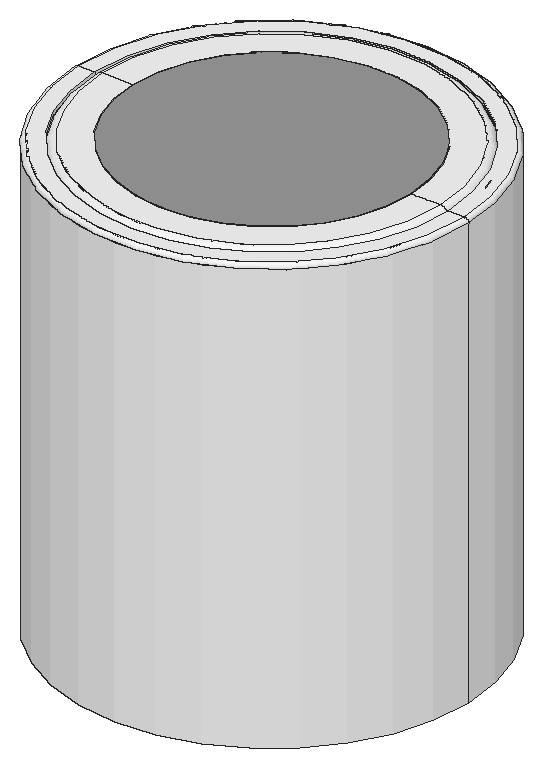
Revit family "3098168 Lighting Fixture_Sylvania_Insaver LED II 150 LO_Surface Mounted", category Lighting Fixtures, host Face, Revit 2017
Family settings
  Host = Face
  Round Connector Dimension = Use Diameter
  Part Type = Normal
  OmniClass Number = 23.80.70.11.17
  OmniClass Title = Specialized Lighting by Location or Use
  Cut with Voids When Loaded = No
  Light Source = Yes
  Shared = No
  Room Calculation Point = No
Parameters (values of type "Insaver LED II 150 Low Output WW EB Surface Mounted")
  Ta Rating = "0°C to 55°C"  # constant formula
  Reflector Material = Metal_Sylvania_Insaver LED II_Polished
  LOR = "100%"  # constant formula
  IP Rating = "IP23 (44 with accessory)"  # constant formula
  Height = 208.0 mm
  Glare Control = "UGR <19 (using accessory)"  # constant formula
  Energy Class = "A++,A+,A"  # constant formula
  Weight = 0 kg
  Wattage = 17 W
  built-in parameter 1150110 = 1 (stored number, unit not read)
  Voltage Comments = "UNV (Universal Voltage; 220-240 Volt)"  # constant formula
  Voltage = 230 V  # constant formula
  URL = "http://www.sylvania-lighting.com"
  built-in parameter 1114217 = 1 (stored number, unit not read)
  Tilt Angle = -90°
  built-in parameter 1150109 = 1 (stored number, unit not read)
  built-in parameter 1150134 = (empty or 0)
  built-in parameter 1150113 = 1 (stored number, unit not read)
  Product Page URL = "http://www.sylvania-lighting.com/product/en-int/products/3098168"
  Product Family = "INSAVER LED II 150 Surface Mounted"  # constant formula
  Photometry Comments = ""
  Photometric Web File = "3098168_InsaverLEDII150LowOutputWWEBSurfaceMounted-202050.ies"
  Life = "50 000 h"  # constant formula
  Emit from Circle Diameter = Diffuser Diameter  # 133.0 mm
  Emit Shape Visible in Rendering = no
  Drive Current = "700mA"  # constant formula
  Distribution type = "Direct - symmetrical"  # constant formula
  Diffuser Material = Glass_Sylvania_Insaver LED II_3000K
  Diffuser Diameter = Accessory Diameter - 36.0 mm  # 133.0 mm
  Colour consistency (SDCM) = "3 step"  # constant formula
  built-in parameter 1114216 [instance] = 1 (stored number, unit not read)
  Model = "Insaver LED II 150 Low Output WW EB Surface Mounted"
  Manufacturer = "Feilo Sylvania"
  built-in parameter 1150105 = 131.22 (stored number, unit not read)
  Lumens = 1649 lm
  built-in parameter 1150115 = 1 (stored number, unit not read)
  built-in parameter 1150137 = (empty or 0)
  built-in parameter 1150139 = (empty or 0)
  built-in parameter 1150112 = 1 (stored number, unit not read)
  built-in parameter 1150114 = 1 (stored number, unit not read)
  Lamp Comments = "Integrated LED"  # constant formula
  Lamp = ""
  built-in parameter 1150132 = 2
  built-in parameter 1150102 = (empty or 0)
  built-in parameter 1150107 = 3000 (stored number, unit not read)
  built-in parameter 1150138 = (empty or 0)
  built-in parameter 1150106 = 1.3122 (stored number, unit not read)
  CRI ( Ra ) = 80  # constant formula
  Body Material = Plastic_Sylvania_Insaver LED II_White
  built-in parameter 1150104 = 9.0116 (stored number, unit not read)
  Dimming Lamp Color Temperature Shift = <None>
  Description = "Circular LED downlight with up to 114lm/W efficacy and 2,400 luminaire lumen output. Innovative easy installation system allows for a rapid, single point installation. For 150mm cut outs. IP44 or UGR<19 compliant with additional accessories. 3 hour emergency and surface mounted versions available. Plus3 version includes Wieland GST connector."  # constant formula
  Default Elevation = 0.0 mm
  Color Filter = 16777215
  Catalog Number = "3098168 Insaver LED II 150 Low Output WW EB Surface Mounted"
  built-in parameter 1140040 [instance] = 1
  Radius = Diameter / 2  # 94.0 mm
  Diameter = 188.0 mm
  Beam Angle = 76°  # constant formula
  built-in parameter 1114218 = 1 (stored number, unit not read)
  built-in parameter 1150133 = 10 (stored number, unit not read)
  Assembly Code = "D5020200"
  Apparent Load Comments = ""
  Apparent Load = 17 VA
  Accessory Radius = Accessory Diameter / 2  # 84.5 mm
  Accessory Material = Plastic_Sylvania_Insaver LED II_White
  Accessory Diameter = Diameter - 19.0 mm  # 169.0 mm
Reference planes
  plane 1 "Center (Front/Back)": y = 0
  plane 2: z = 0
  plane 3 "Center (Left/Right)": x = 0
  plane 4: z = 202
  plane 5 "Fixture Bottom": z = 208
  plane 6: z = 205
  plane 7: z = 9.5
  plane 8: z = 148
Forms (mm)
  Revolve 1, solid, material "Plastic_Sylvania_Insaver LED II_White" <- "Accessory Material", detail levels fine
    sketch origin (0, 0, 206.916) x (1, 0, 0) y (0, 0, 1)
      loop
        line (-84.5, -4.916) -> (-66.5, -4.916) -> (-66.5, 1.084) -> (-80.5, 1.084)
        arc (-80.5, 1.084) -> (-83.328, -0.088) -> (-84.5, -2.916) r 4
        line (-84.5, -2.916) -> (-84.5, -4.916)
      axis (0, 1.084) -> (0, -4.916)
    angle from 0 to 360
  Extrusion 2, solid, material "Glass_Sylvania_Insaver LED II_3000K" <- "Diffuser Material", detail levels fine
    sketch origin (0, 0, 206.916) x (1, 0, 0) y (0, 1, 0)
      loop
        circle (0, 0) r 66.5
    from -4.916 to 1.084
  Extrusion 3, solid, material "Plastic_Sylvania_Insaver LED II_White" <- "Body Material", detail levels fine
    sketch origin (0, 0, 0) x (1, 0, 0) y (0, 1, 0)
      loop
        circle (0, 0) r 94
      loop
        circle (0, 0) r 84.5
    from 0 to 205
  Revolve 4, solid, material "Plastic_Sylvania_Insaver LED II_White" <- "Body Material", detail levels fine
    sketch origin (0, 0, 0) x (1, 0, 0) y (0, 0, 1)
      loop
        line (-94, 205) -> (-84.5, 205) -> (-84.5, 207) -> (-92, 207)
        arc (-92, 207) -> (-93.414, 206.414) -> (-94, 205) r 2
      axis (0, 207) -> (0, 205)
    angle from 0 to 360
  Extrusion 5, solid, material "Plastic_Sylvania_Insaver LED II_White" <- "Body Material", detail levels fine
    sketch origin (0, 0, 0) x (1, 0, 0) y (0, 1, 0)
      loop
        circle (0, 0) r 84.5
    from 0 to 9.5
  Revolve 6, solid, detail levels fine
    sketch origin (0, 0, 0) x (1, 0, 0) y (0, 0, 1)
      loop
        line (0, 148) -> (0, 150)
        arc (0, 150) -> (-48.672, 164.089) -> (-82.291, 202) r 91.113
        line (-82.291, 202) -> (-84.5, 202)
        arc (-84.5, 202) -> (-50.14, 162.653) -> (0, 148) r 93.113
      axis (0, 202) -> (0, 148)
    angle from 0 to 360
  Extrusion 7, solid, material "Plastic_Sylvania_Insaver LED II_White" <- "Body Material", detail levels coarse+medium
    sketch origin (0, 0, 0) x (1, 0, 0) y (0, 1, 0)
      loop
        circle (0, 0) r 94
    from 0 to 208
Cuts and joins
  joined: Extrusion 3, Revolve 4, Extrusion 5
Lines and regions (mm)
  Masking region 1
    outline origin (0, 0, 0) x (1, 0, 0) y (0, 1, 0)
      loop
        circle (0, 0) r 94
  symbolic lines, detail levels fine
    curve 1: arc (66.5, 0, 0) -> (0, 66.5, 0) -> (-66.5, 0, 0) r 66.5
    curve 2: arc (-66.5, 0, 0) -> (0, -66.5, 0) -> (66.5, 0, 0) r 66.5
Dimensions and locks
  locked: Revolve 1 sketch curve to Revolve 1 sketch curve at 18
  "Accessory Radius": plane 3 "Center (Left/Right)" to Revolve 1 sketch curve
  locked: Revolve 1 sketch curve to plane 4 at 2
  plane 5 "Fixture Bottom" to plane 6 to plane 4 to plane 8 = 3.0 mm locked, 3.0 mm locked, 54.0 mm locked
  "Height": plane 5 "Fixture Bottom" to plane 2
  locked: Revolve 4 sketch curve to plane 6 at 2
  locked: plane 7 to plane 2 at 9.5
  "Radius": plane 3 "Center (Left/Right)" to Revolve 4 sketch curve
  locked: Revolve 4 sketch curve to Revolve 4 sketch curve at 9.5
  "Accessory Radius": plane 3 "Center (Left/Right)" to Revolve 6 sketch curve
  locked: Revolve 6 sketch curve to Revolve 6 sketch curve at 2.209
  locked: Revolve 6 sketch curve to plane 8 at 2
  "Diffuser Diameter": diameter of Extrusion 2 sketch curve
  "Diameter": diameter of Extrusion 3 sketch curve
  "Accessory Diameter": diameter of Extrusion 3 sketch curve
  "Accessory Diameter": diameter of Extrusion 5 sketch curve
  "Diameter": diameter of Extrusion 7 sketch curve
  aligned and locked: plane 2 to host face
  aligned and locked: level to host face
  aligned and locked: imposter light to plane 1 "Center (Front/Back)"
  aligned and locked: plane 4 to Revolve 1 sketch curve
  aligned and locked: Revolve 1 sketch curve to plane 3 "Center (Left/Right)"
  aligned and locked: plane 4 to Extrusion 2
  aligned and locked: Extrusion 2 to plane 5 "Fixture Bottom"
  aligned and locked: Extrusion 3 to plane 6
  aligned and locked: Extrusion 3 to plane 2
  aligned and locked: Revolve 4 sketch curve to plane 3 "Center (Left/Right)"
  aligned and locked: plane 5 "Fixture Bottom" to Revolve 1 sketch curve
  aligned and locked: plane 6 to Revolve 4 sketch curve
  aligned and locked: Extrusion 5 to plane 2
  aligned and locked: Extrusion 5 to plane 7
  aligned and locked: imposter light to plane 3 "Center (Left/Right)"
  aligned and locked: imposter light to plane 5 "Fixture Bottom"
  aligned and locked: Revolve 6 sketch curve to imposter light
  aligned and locked: Revolve 6 sketch curve to plane 4
  aligned and locked: imposter light to Revolve 6 sketch curve
  aligned and locked: Extrusion 7 to plane 5 "Fixture Bottom"
  aligned and locked: Extrusion 7 to plane 2
  aligned and locked: Masking region 1 sketch curve to Extrusion 7  (x2)
  aligned and locked: curve 1 to Extrusion 2
  aligned and locked: curve 2 to Extrusion 2
Automatic sketch dimensions
  host sketch curve to host sketch curve = 1040.406 mm
  host sketch curve to host sketch curve = 988.385 mm
  plane 4 to Revolve 1 sketch curve = 23.903 mm
  Revolve 1 sketch curve to plane 5 "Fixture Bottom" = 38.423 mm
  plane 1 "Center (Front/Back)" to Extrusion 2 sketch curve = 0.0 mm
  Extrusion 2 sketch curve to plane 3 "Center (Left/Right)" = 0.0 mm
  Extrusion 3 sketch curve to Extrusion 3 sketch curve = 0.0 mm  (x2)
  plane 1 "Center (Front/Back)" to Extrusion 3 sketch curve = 0.0 mm
  Extrusion 3 sketch curve to plane 3 "Center (Left/Right)" = 0.0 mm
  Revolve 4 sketch curve to plane 5 "Fixture Bottom" = 23.931 mm
  Revolve 4 sketch curve to Revolve 4 sketch curve = 16.615 mm
  plane 1 "Center (Front/Back)" to Extrusion 5 sketch curve = 0.0 mm
  Extrusion 5 sketch curve to plane 3 "Center (Left/Right)" = 0.0 mm
  Revolve 6 sketch curve to Revolve 6 sketch curve = 0.0 mm
  plane 4 to Revolve 6 sketch curve = 22.636 mm
  Revolve 6 sketch curve to Revolve 6 sketch curve = 1.749 mm
  plane 1 "Center (Front/Back)" to Extrusion 7 sketch curve = 0.0 mm
  Extrusion 7 sketch curve to plane 3 "Center (Left/Right)" = 0.0 mm
Connectors
  electrical at (0, 0, 0), driven by "Voltage", driven by "Apparent Load"
    settings: on cut or joined group of Extrusion 3, Revolve 4, Extrusion 5, index 1, voltage 230 V, apparent load 0 VA, apparent load phase1 17 VA, apparent load phase2 0 VA, apparent load phase3 0 VA, power factor 1, load classification "Lighting", number of poles 1, system type 31, power factor state 1, is connector primary yes, connector utility no, sub classification motor no, connector description ""
